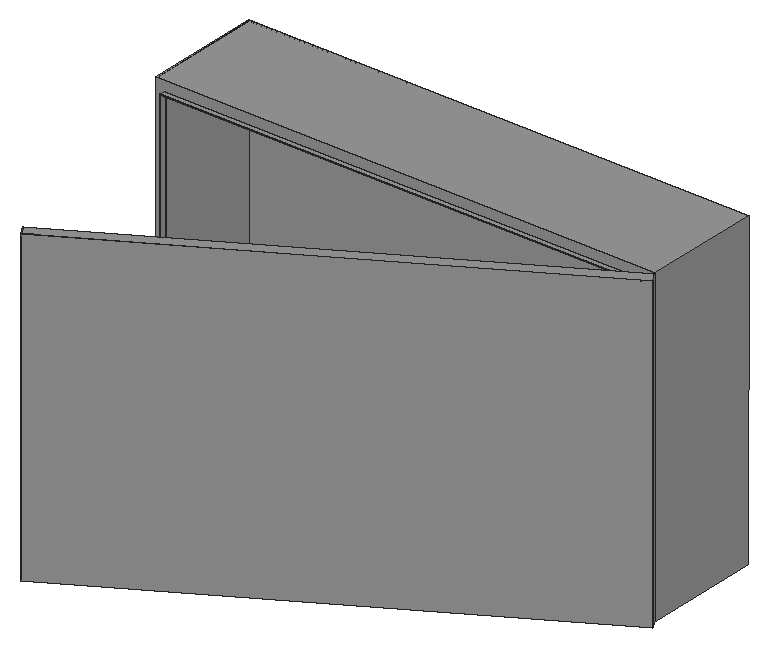
Revit family "Hager-Univers-IP44-D205-H500-Cl.I-Encl-NoHosted-CH-it", category Electrical Equipment, Revit 2020
Family settings
  Panel Configuration = Two Columns, Circuits Across
  Round Connector Dimension = Use Diameter
  Part Type = Panelboard
  Work Plane-Based = Yes
  Always vertical = Yes
  Cut with Voids When Loaded = No
  Shared = No
  Room Calculation Point = No
Parameters (values of type "A parete IP44 L800 A500 P205  - FP33TN2")
  Width Control [instance] = if([EF000008 - Larghezza] > Min Width, [EF000008 - Larghezza], Min Width)  # 800 mm
  Type Comments = [HG000003 - Gamma]  # "Univers"
  Thickness Door [instance] = if([EF009171 - spessore materiale porta/coperchio] > 3 mm, 3 mm, [EF009171 - spessore materiale porta/coperchio])  # 1 mm
  Seal Frame Offset [instance] = 17 mm  # constant formula
  Plinth Visibility [instance] = [HG000027 - Altezza dello zoccolo] > 0 mm  # no
  Min Width [instance] = 100 mm  # constant formula
  Min Depth [instance] = (2 * [EF009170 - spessore materiale scatola]) + 1 mm  # 3 mm
  Min Height [instance] = 100 mm  # constant formula
  Internal Frame Depth [instance] = (Door System Depth * 0.5)  # 9 mm
  Panel Name [instance] = ""  # (empty or 0)
  Model = ""
  HG000027 - Altezza dello zoccolo = 0 mm
  HG000026 - A pavimento = no
  HG000024 - Altezza della sezione inferiore = 600 mm
  HG000023 - Custodia a doppia sezione = no
  HG000016 - Visibilità delle porte nella vista 3D [instance] = yes
  HG000015 - Visibilità attraverso la porta [instance] = no
  HG000014 - Porta destra [instance] = yes
  HG000013 - Porta sinistra [instance] = not([HG000014 - Porta destra])  # no
  HG000012 - Angolo di apertura della porta [instance] = 30.00°
  HG000010 - Porte asimmetriche = no
  HG000009 - Porta doppia a battente = no
  HG000006 - Ad incasso = no
  HG000004 - Codice produttore = "FP33TN2"
  HG000003 - Gamma = "Univers"
  HG000002 - Con porta = yes
  Frame Offset Bottom [instance] = 10 mm  # constant formula
  Frame Offset [instance] = 15 mm  # constant formula
  EF015940 - Coprire con rilascio di sovrapressione = no
  EF011959 - tipo di protezione (NEMA) = ""
  EF009554 - numero delle aperture per la piastra della flangia = 6
  EF009212 - esecuzione coperchio = "EV000116 - chiuso"
  EF009171 - spessore materiale porta/coperchio = 1 mm
  EF009170 - spessore materiale scatola = 1 mm
  EF008873 - corrente nominale (In) = 250 A
  EF007800 - adatto per parafulmine = no
  EF006306 - con serratura = no
  EF006244 - coperchio/porta trasparente = no
  EF005474 - grado di protezione (IP) = "EV006418 - IP44"
  EF004464 - tipo di porta = "EV002646 - singolo"
  EF004427 - numero di moduli = 108
  EF004293 - resistenza agli urti = "EV006815 - IK09"
  EF003532 - adatto per uso esterno = no
  EF002950 - Numero moduli DIN = 36
  EF001613 - Integrità del circuito = "EV000494 - senza"
  EF001596 - Attacco Lampada = "EV000179 - acciaio"
  EF001131 - profondità interna = 205 mm
  EF001088 - possibilità di applicazione = yes
  EF000437 - numero di ingressi per conduttori = 6
  EF000339 - tipo di copertura = "EV001012 - coperchio"
  EF000266 - numero di file = 3
  EF000218 - profondità di incasso = 205 mm
  EF000118 - con piastra di montaggio = no
  EF000116 - numero RAL = "9010"
  EF000049 - profondità = 205 mm
  EF000040 - Altezza = 500 mm
  EF000008 - Larghezza = 800 mm
  EF000007 - colore = "EV000202 - bianco"
  EF000003 - Tipo di montaggio = "EV000384 - A parete"
  Door System Leaf Tolerance [instance] = 1.5 mm  # constant formula
  Door System Depth [instance] = 18 mm  # constant formula
  Door Height [instance] = Height Control - [HG000027 - Altezza dello zoccolo]  # 500 mm
  Description = ""
  Default Elevation = 1219.2 mm
  Connector Offset [instance] = Height Control / 2  # 250 mm
  Manufacturer = "Hager"  # constant formula
  Height Control [instance] = if([EF000040 - Altezza] > Min Height, [EF000040 - Altezza], Min Height)  # 500 mm
  Depth Control [instance] = if([EF000049 - profondità] > Min Depth, [EF000049 - profondità], Min Depth)  # 205 mm
  Bottom Top Plate Trim [instance] = 1.5 mm  # constant formula
  Plinth height Ctrl [instance] = if([HG000027 - Altezza dello zoccolo] > 0 mm, [HG000027 - Altezza dello zoccolo], 12 mm)  # 12 mm
Types (10, lengths in mm): name | Width Control | HG000010 - Porte asimmetriche | HG000009 - Porta doppia a battente | HG000004 - Codice produttore | EF009554 - numero delle aperture per la piastra della flangia | EF004464 - tipo di porta | EF004427 - numero di moduli | EF002950 - Numero moduli DIN | EF000437 - numero di ingressi per conduttori | EF000218 - profondità di incasso | EF000008 - Larghezza
  A parete IP44 L1050 A500 P205  - FP34QT | 1050 | no | no | "FP34QT" | 8 | "EV003602 - doppio" | 144 | 48 | 8 | 0 | 1050
  A parete IP44 L1050 A500 P205  - FP34TN2 | 1050 | no | yes | "FP34TN2" | 8 | "EV003602 - doppio" | 144 | 48 | 8 | 205 | 1050
  A parete IP44 L1300 A500 P205  - FP35QT | 1300 | no | no | "FP35QT" | 10 | "EV003602 - doppio" | 180 | 60 | 10 | 0 | 1300
  A parete IP44 L1300 A500 P205  - FP35TN2 | 1300 | yes | yes | "FP35TN2" | 10 | "EV003602 - doppio" | 180 | 60 | 10 | 205 | 1300
  A parete IP44 L300 A500 P205  - FP31QT | 300 | no | no | "FP31QT" | 2 | "EV002646 - singolo" | 36 | 12 | 2 | 0 | 300
  A parete IP44 L300 A500 P205  - FP31TN2 | 300 | no | no | "FP31TN2" | 2 | "EV002646 - singolo" | 36 | 12 | 2 | 205 | 300
  A parete IP44 L550 A500 P205  - FP32QT | 550 | no | no | "FP32QT" | 4 | "EV002646 - singolo" | 72 | 24 | 4 | 0 | 550
  A parete IP44 L550 A500 P205  - FP32TN2 | 550 | no | no | "FP32TN2" | 4 | "EV002646 - singolo" | 72 | 24 | 4 | 205 | 550
  A parete IP44 L800 A500 P205  - FP33QT | 800 | no | no | "FP33QT" | 6 | "EV002646 - singolo" | 108 | 36 | 6 | 0 | 800
  A parete IP44 L800 A500 P205  - FP33TN2 | 800 | no | no | "FP33TN2" | 6 | "EV002646 - singolo" | 108 | 36 | 6 | 205 | 800
Reference planes
  plane 1 "Center (Front/Back)": y = 0
  plane 2: z = 0
  plane 3 "Center (Left/Right)": x = 0
  plane 4: y = 0
  plane 5: y = 0
  plane 6: z = 0
  plane 7: x = -400
  plane 8: x = 400
  plane 9: x = 399
  plane 10: x = -399
  plane 11: z = 0
  plane 12: z = 1
  plane 13: y = -205
  plane 14: y = -1
  plane 15: x = 0
  plane 16: y = -187
  plane 17: y = -204
  plane 18: y = -186
  plane 19: x = -384
  plane 20: x = 384
  plane 21: z = 11
  plane 22: x = -383
  plane 23: x = 383
  plane 24: z = 0
  plane 25: z = 500
  plane 26: z = 500
  plane 27: z = 484
  plane 28: z = 499
Forms (mm)
  Extrusion 1, solid, material "Hager_Steel_RAL7035_Light_Grey", detail levels medium+fine
    sketch origin (-208.679, -4572, 0) x (-1, 0, 0) y (0, -1, 0)
      loop
        line (191.321, -4385) -> (-608.679, -4385) -> (-608.679, -4572) -> (191.321, -4572) -> (191.321, -4385)
    from 0 to 500
  Extrusion 2, void
    sketch origin (-350.771, -205, 1219.2) x (1, 0, 0) y (0, 0, 1)
      loop
        line (-48.229, -720.2) -> (-48.229, -1218.2) -> (749.771, -1218.2) -> (749.771, -720.2) -> (-48.229, -720.2)
    from -19 to -204
  Extrusion 3, void
    sketch origin (-290.084, -187, 1219.2) x (1, 0, 0) y (0, 0, 1)
      loop
        line (-93.916, -1208.2) -> (674.084, -1208.2) -> (674.084, -735.2) -> (-93.916, -735.2) -> (-93.916, -1208.2)
    from 0 to -1
  Extrusion 4, solid, material "Hager_Steel_RAL7035_Light_Grey", visible <- "Plinth Visibility", detail levels medium+fine
    sketch origin (0, 0, 0) x (1, 0, 0) y (0, 1, 0)
      loop
        line (-400, 0) -> (-400, -187) -> (400, -187) -> (400, 0) -> (-400, 0)
    from 0 to 12 <- "Plinth height Ctrl"
  Extrusion 5, solid, material "Hager_Steel_RAL7035_Light_Grey", detail levels coarse
    sketch origin (0, 0, 0) x (1, 0, 0) y (0, 1, 0)
      loop
        line (-400, 0) -> (-400, -205) -> (400, -205) -> (400, 0) -> (-400, 0)
    from 0 to 500 <- "Height Control"
  Sweep 6, void
    path in 3D
      loop
        line (-400, -187, 12) -> (400, -187, 12) -> (400, 0, 12) -> (-400, 0, 12) -> (-400, -187, 12)
    profile origin (-400, -93.5, 12) x (1, 0, 0) y (0, 0, 1)
      loop
        line (0, 0) -> (0, -1.5) -> (1.5, -1.5)
        arc (1.5, -1.5) -> (1.061, -0.439) -> (0, 0) r 1.5
  Extrusion 7, solid, material "Hager_Steel_RAL7035_Light_Grey", detail levels fine
    sketch origin (-400, -187, 0) x (1, 0, 0) y (0, 0, 1)
      loop
        line (16, 11) -> (784, 11) -> (784, 484) -> (16, 484) -> (16, 11)
      loop
        line (15, 10) -> (785, 10) -> (785, 485) -> (15, 485) -> (15, 10)
    from 0 to 9 <- "Internal Frame Depth"
Cuts and joins
  Extrusion 2, Extrusion 3 cuts Extrusion 1
  Sweep 6 cuts Extrusion 4
Lines and regions (mm)
  Masking region 1
    outline origin (0, 0, 0) x (1, 0, 0) y (0, 1, 0)
      loop
        line (-400, 0) -> (-400, -205) -> (400, -205) -> (400, 0) -> (-400, 0)
  Masking region 2, detail levels coarse
    outline origin (-290.084, -187, 1219.2) x (-1, 0, 0) y (0, 0, 1)
      loop
        line (-690.084, -1219.2) -> (109.916, -1219.2) -> (109.916, -719.2) -> (-690.084, -719.2) -> (-690.084, -1219.2)
  Masking region 3, detail levels coarse
    outline origin (0, 0, 0) x (0, 1, 0) y (0, 0, 1)
      loop
        line (0, 0) -> (0, 500) -> (-205, 500) -> (-205, 0) -> (0, 0)
  Masking region 4, visible <- "Plinth Visibility", detail levels medium+fine
    outline origin (0, 0, 0) x (0, 1, 0) y (0, 0, 1)
      loop
        line (-1.5, 12) -> (-185.5, 12)
        arc (-185.5, 12) -> (-185.939, 10.939) -> (-187, 10.5) r 1.5
        line (-187, 10.5) -> (-187, 0) -> (0, 0) -> (0, 10.5)
        arc (0, 10.5) -> (-1.061, 10.939) -> (-1.5, 12) r 1.5
  Masking region 5, detail levels medium+fine
    outline origin (0, 0, 594.038) x (0, 1, 0) y (0, 0, 1)
      loop
        line (0, -594.038) -> (0, -94.038) -> (-187, -94.038) -> (-187, -594.038) -> (0, -594.038)
  Masking region 6, detail levels medium+fine
    outline origin (-359.7, -187, 1211.883) x (-1, 0, 0) y (0, 0, 1)
      loop
        line (-759.7, -1211.883) -> (40.3, -1211.883) -> (40.3, -711.883) -> (-759.7, -711.883) -> (-759.7, -1211.883)
  Masking region 7, visible <- "Plinth Visibility", detail levels medium+fine
    outline origin (-320.334, -187, 1041.368) x (-1, 0, 0) y (0, 0, 1)
      loop
        line (-720.334, -1041.368) -> (79.666, -1041.368) -> (79.666, -1030.868)
        arc (79.666, -1030.868) -> (78.606, -1030.429) -> (78.166, -1029.368) r 1.5
        line (78.166, -1029.368) -> (-718.834, -1029.368)
        arc (-718.834, -1029.368) -> (-719.273, -1030.429) -> (-720.334, -1030.868) r 1.5
        line (-720.334, -1030.868) -> (-720.334, -1041.368)
  sketch lines
    curve 1: line (-400, 0, 12) -> (-400, -187, 12)
    curve 2: line (-400, -187, 12) -> (400, -187, 12)
    curve 3: line (400, 0, 12) -> (-400, 0, 12)
    curve 4: line (400, -187, 12) -> (400, 0, 12)
Dimensions and locks
  locked: plane 1 "Center (Front/Back)" to plane 5
  "EF009170 - spessore materiale scatola": plane 7 to plane 10
  "EF009170 - spessore materiale scatola": plane 8 to plane 9
  equal spacing: plane 7, plane 3 "Center (Left/Right)", plane 8
  "Width Control": plane 7 to plane 8
  "Depth Control": plane 4 to plane 13
  "EF009170 - spessore materiale scatola": plane 4 to plane 14
  "Height Control": plane 25 to level
  "HG000027 - Altezza dello zoccolo": plane 11 to level
  "EF009170 - spessore materiale scatola": plane 12 to plane 11
  "EF009170 - spessore materiale scatola": plane 17 to plane 13
  "EF009170 - spessore materiale scatola": plane 18 to plane 16
  "Frame Offset Bottom": plane 21 to plane 12
  "Frame Offset": plane 10 to plane 19
  "Frame Offset": plane 9 to plane 20
  "Door System Depth": plane 16 to plane 13
  "Seal Frame Offset": plane 7 to plane 22
  "Seal Frame Offset": plane 8 to plane 23
  "EF009170 - spessore materiale scatola": plane 26 to plane 28
  "Frame Offset": plane 28 to plane 27
  "Connector Offset": plane 2 to connector elem
  "Bottom Top Plate Trim": profile plane to Sweep 6 sketch curve
  "Bottom Top Plate Trim": Sweep 6 sketch curve to Sweep 6 sketch curve
  "Plinth height Ctrl": Masking region 4 sketch curve to level
  "Plinth height Ctrl": Masking region 7 sketch curve to level
  "Thickness Door": Extrusion 7 sketch curve to Extrusion 7 sketch curve  (x4)
  "Bottom Top Plate Trim": radius of Sweep 6 sketch curve
  "Bottom Top Plate Trim": radius of Masking region 4 sketch curve  (x2)
  "Bottom Top Plate Trim": radius of Masking region 7 sketch curve  (x2)
  aligned and locked: Extrusion 2 sketch curve to plane 12
  aligned and locked: Extrusion 2 sketch curve to plane 9
  aligned and locked: Extrusion 2 sketch curve to plane 10
  aligned and locked: Extrusion 2 to plane 14
  aligned and locked: Extrusion 1 sketch curve to plane 4
  aligned and locked: plane 8 to Extrusion 1 sketch curve
  aligned and locked: plane 7 to Extrusion 1 sketch curve
  aligned and locked: Extrusion 2 to plane 18
  aligned and locked: plane 19 to Extrusion 3 sketch curve
  aligned and locked: plane 20 to Extrusion 3 sketch curve
  aligned and locked: Extrusion 3 to Extrusion 2
  aligned and locked: Extrusion 3 sketch curve to plane 21
  aligned and locked: plane 3 "Center (Left/Right)" to nested 1
  aligned and locked: Extrusion 1 sketch curve to plane 16
  aligned and locked: Extrusion 4 sketch curve to cut or joined group of Extrusion 1, Extrusion 2, Extrusion 3
  aligned and locked: Masking region 1 sketch curve to plane 7
  aligned and locked: Masking region 1 sketch curve to plane 5
  aligned and locked: Masking region 1 sketch curve to plane 8
  aligned and locked: Masking region 2 sketch curve to level
  aligned and locked: level to Masking region 3 sketch curve
  aligned and locked: plane 1 "Center (Front/Back)" to Masking region 3 sketch curve
  aligned and locked: plane 13 to Masking region 3 sketch curve
  aligned and locked: plane 5 to Masking region 4 sketch curve
  aligned and locked: Masking region 2 sketch curve to plane 8
  aligned and locked: Masking region 2 sketch curve to plane 7
  aligned and locked: plane 7 to nested 2
  aligned and locked: nested 2 to plane 5
  aligned and locked: plane 5 to Masking region 5 sketch curve
  aligned and locked: plane 26 to Masking region 5 sketch curve
  aligned and locked: Extrusion 5 sketch curve to plane 8
  aligned and locked: Extrusion 5 sketch curve to plane 7
  aligned and locked: Extrusion 5 sketch curve to plane 5
  aligned and locked: Extrusion 3 sketch curve to plane 27
  aligned and locked: Extrusion 2 sketch curve to plane 28
  aligned and locked: Masking region 2 to plane 25
  aligned and locked: Extrusion 4 to plane 16
  aligned and locked: profile plane to Sweep 6 sketch curve
  aligned and locked: Masking region 5 sketch curve to plane 24
  aligned and locked: level to Masking region 4 sketch curve
  aligned and locked: Masking region 1 to plane 13
  aligned and locked: nested 1 to plane 16
  aligned and locked: Masking region 3 to plane 25
  aligned and locked: plane 16 to Masking region 4 sketch curve
  aligned and locked: Masking region 5 sketch curve to plane 16
  aligned and locked: plane 24 to plane 11
  aligned and locked: plane 26 to plane 25
  aligned and locked: plane 26 to cut or joined group of Extrusion 1, Extrusion 2, Extrusion 3
  aligned and locked: nested 1 to plane 24
  aligned and locked: Extrusion 1 to Extrusion 3
  aligned and locked: Masking region 6 sketch curve to plane 8
  aligned and locked: Masking region 6 sketch curve to plane 24
  aligned and locked: Masking region 6 sketch curve to plane 7
  aligned and locked: Masking region 6 sketch curve to plane 26
  aligned and locked: Masking region 7 sketch curve to plane 7
  aligned and locked: level to Masking region 7 sketch curve
  aligned and locked: Masking region 7 sketch curve to plane 8
  aligned and locked: Extrusion 7 sketch curve to cut or joined group of Extrusion 1, Extrusion 2, Extrusion 3  (x4)
Automatic sketch dimensions
  plane 19 to Extrusion 3 sketch curve = 0 mm
  Extrusion 3 sketch curve to plane 20 = 0 mm
  Extrusion 3 sketch curve to plane 21 = 0 mm
  Extrusion 4 sketch curve to plane 7 = 0 mm
  Extrusion 4 sketch curve to plane 8 = 0 mm
  Extrusion 4 sketch curve to plane 16 = 0 mm
  Masking region 1 sketch curve to plane 13 = 0 mm
  Masking region 2 sketch curve to plane 25 = 0 mm
  Masking region 3 sketch curve to plane 25 = 0 mm
  Extrusion 5 sketch curve to plane 13 = 0 mm
  profile plane to Sweep 6 sketch curve = 0 mm
Nested families
  nested 1: "EC000058_Univers_Door" at (0, -187, 0), Double <- "HG000009 - Porta doppia a battente", Transparent <- "EF006244 - coperchio/porta trasparente", Angle <- "HG000012 - Angolo di apertura della porta", Door_Right <- "HG000014 - Porta destra", Assymetrical <- "HG000010 - Porte asimmetriche", Door <- "HG000002 - Con porta", Width_Ctrl <- "Width Control", 3d_Door <- "HG000016 - Visibilità delle porte nella vista 3D", Clearance <- "HG000015 - Visibilità attraverso la porta", Door_Left <- "HG000013 - Porta sinistra", Width <- "Width Control", Door_Depth <- "Door System Depth", Leaf_Tolerance <- "Door System Leaf Tolerance", Height <- "Door Height", Lock_Visibility <- "EF006306 - con serratura", Thickness <- "Thickness Door", type "EC000058_Univers_Door", detail levels medium+fine
    with min_wh 3 mm, Width_Ctrl 800 mm, Width 800 mm, Transparent no, Thickness 1 mm, Seal_Material Hager_Rubber, Lock_Visibility no, Lock_Material Hager_Plastic_RAL9005_Jet_Black, Leaf_Width 800 mm, Leaf_Tolerance_External_Sides 0 mm, Leaf_Tolerance 1.5 mm, Leaf_Offset 0 mm, Leaf_Height 497 mm, Leaf_2_Width 800 mm, Leaf_2_Offset 400 mm, Leaf_1_Width 800 mm, Leaf_1_Offset 400 mm, Height_Ctrl 500 mm, Height 500 mm, Glass_Material Hager_Glass, Double_Clearance_Ctrl no, Double no, Door_Right_Ctrl yes, Door_Right yes, Door_Material Hager_Steel_RAL7035_Light_Grey, Door_Left_Ctrl no, Door_Left no, Door_Depth 18 mm, Door yes, Clearance_Material Hager_Clearance, Clearance_Depth 800 mm, Clearance_Ctrl no, Clearance no, Assymetrical no, Angle 30.00°, 3d_Door yes
  nested 2: "Hager_Enclosure_Symbol" at (-400, 0, 0), Height <- "Depth Control", Width <- "Width Control", type "Hager_Enclosure_Symbol"
    with Width_Ctrl 800 mm, Width 800 mm, Height_Ctrl 205 mm, Height 205 mm, A_Width_Int 13.453 mm, A_Width 161.438 mm, A_Height_Ctrl 179.375 mm, A_Height 179.375 mm
Connectors
  electrical at (0, 0, 250)
    settings: on plane 1 "Center (Front/Back)", index 1, voltage 0 V, apparent load 0 VA, apparent load phase1 0 VA, apparent load phase2 0 VA, apparent load phase3 0 VA, power factor 1, load classification "Other", number of poles 1, system type 30, power factor state 1, is connector primary yes, connector utility no, sub classification motor no, connector description ""
Definition of nested family "EC000058_Univers_Door"
  Parameters (values of type "EC000058_Univers_Door")
    min_wh [instance] = (2 * Thickness) + 1 mm  # 11 mm
    Width_Ctrl [instance] = 400 mm
    Width [instance] = 500 mm
    Transparent [instance] = yes
    Thickness [instance] = 5 mm
    Seal_Material [instance] = none
    Lock_Visibility [instance] = yes
    Lock_Material [instance] = none
    Leaf_Width [instance] = if((Width_Ctrl - 2 * Leaf_Tolerance_External_Sides) > 0 mm, (Width_Ctrl - 2 * Leaf_Tolerance_External_Sides), min_wh)  # 400 mm
    Leaf_Tolerance_External_Sides [instance] = 0 mm  # constant formula
    Leaf_Tolerance [instance] = 1.5 mm
    Leaf_Offset [instance] = 0 mm  # constant formula
    Leaf_Height [instance] = if((Height_Ctrl - 2 * Leaf_Tolerance) > 0 mm, (Height_Ctrl - 2 * Leaf_Tolerance), min_wh)  # 497 mm
    Leaf_2_Width [instance] = if(and(and(Double, Assymetrical), Door_Left), (Leaf_Width / 3) - (Leaf_Tolerance / 2), if(and(and(Double, Assymetrical), Door_Right), (Leaf_Width / 3) * 2 - (Leaf_Tolerance / 2), if(and(Double, not(Assymetrical)), (Leaf_Width / 2) - Leaf_Tolerance, Leaf_Width)))  # 400 mm
    Leaf_2_Offset [instance] = if(and(Double, Assymetrical), Leaf_2_Width / 2, if(and(Double, not(Assymetrical)), Leaf_Width / 4, Leaf_Width / 2))  # 200 mm
    Leaf_1_Width [instance] = if(and(and(Double, Assymetrical), Door_Right), (Leaf_Width / 3) - (Leaf_Tolerance / 2), if(and(and(Double, Assymetrical), Door_Left), (Width / 3) * 2 - (Leaf_Tolerance / 2), if(and(Double, not(Assymetrical)), (Leaf_Width / 2) - Leaf_Tolerance, Leaf_Width)))  # 400 mm
    Leaf_1_Offset [instance] = if(and(Double, Assymetrical), Leaf_1_Width / 2, if(and(Double, not(Assymetrical)), Leaf_Width / 4, Leaf_Width / 2))  # 200 mm
    Height_Ctrl [instance] = if(Height > min_wh, Height, min_wh)  # 500 mm
    Height [instance] = 500 mm
    Glass_Material [instance] = none
    Double_Clearance_Ctrl [instance] = and(Double, Clearance)  # no
    Double [instance] = no
    Door_Right_Ctrl [instance] = and(or(Door_Right, Double), Door)  # yes
    Door_Right [instance] = yes
    Door_Material [instance] = none
    Door_Left_Ctrl [instance] = and(or(Door_Left, Double), Door)  # no
    Door_Left [instance] = no
    Door_Depth [instance] = 30 mm
    Door [instance] = yes
    Default Elevation = 1219.2 mm
    Clearance_Material [instance] = none
    Clearance_Depth [instance] = if(Leaf_1_Width > Leaf_2_Width, Leaf_1_Width, Leaf_2_Width)  # 400 mm
    Clearance_Ctrl [instance] = and(not(Double), Clearance)  # yes
    Clearance [instance] = yes
    Assymetrical [instance] = yes
    Angle [instance] = 30.00°
    3d_Door [instance] = yes
  Reference planes
    plane 1 "Center (Front/Back)": y = 0
    plane 2 "Bottom": z = 0
    plane 3 "Center (Left/Right)": x = 0
    plane 4: z = 500
    plane 5: x = -200
    plane 6: x = 200
    plane 7: z = 500
    plane 8: x = -200
    plane 9: z = 0
    plane 10: x = 200
    plane 11: y = 0
    plane 12: z = 1.5
    plane 13: x = -600
    plane 14: y = -400
    plane 15: x = 600
    plane 16: x = 0
    plane 17: x = 0
    plane 18: x = -200
    plane 19: x = 200
    plane 20: z = 498.5
  Forms (mm)
    Extrusion 1, solid, material <- "Clearance_Material", visible <- "Double_Clearance_Ctrl"
      sketch origin (1200, 0, 0) x (1, 0, 0) y (0, 0, -1)
        loop
          line (-1800, -498.5) -> (-600, -498.5) -> (-600, 0) -> (-1800, 0) -> (-1800, -498.5)
      from 0 to -400
  Dimensions and locks
    equal spacing: plane 5, plane 3 "Center (Left/Right)", plane 6
    "Width_Ctrl": plane 5 to plane 6
    "Leaf_Offset": plane 5 to plane 8
    "Leaf_Offset": plane 6 to plane 10
    "Leaf_Offset": plane 9 to level
    "Leaf_Offset": plane 4 to plane 7
    "Height_Ctrl": plane 4 to level
    "Leaf_Tolerance": plane 12 to plane 9
    locked: plane 11 to plane 1 "Center (Front/Back)"
    "Leaf_1_Offset": plane 18 to plane 16
    "Leaf_2_Offset": plane 17 to plane 19
    "Leaf_1_Width": plane 13 to plane 8
    "Leaf_2_Width": plane 10 to plane 15
    "Clearance_Depth": plane 14 to plane 1 "Center (Front/Back)"
    "Leaf_Tolerance_External_Sides": plane 8 to plane 18
    "Leaf_Tolerance_External_Sides": plane 19 to plane 10
    "Leaf_Tolerance": plane 7 to plane 20
    aligned and locked: level to plane 2 "Bottom"
    aligned and locked: nested 1 to plane 16
    aligned and locked: nested 2 to plane 17
    aligned and locked: Extrusion 1 to plane 13
    aligned and locked: plane 15 to Extrusion 1
    aligned and locked: Extrusion 1 to plane 14
    aligned and locked: plane 12 to nested 1
    aligned and locked: nested 2 to plane 12
    aligned and locked: Extrusion 1 to plane 11
    aligned and locked: plane 20 to Extrusion 1
    aligned and locked: nested 2 to plane 11
    aligned and locked: nested 1 to plane 11
  Automatic sketch dimensions
    Extrusion 1 sketch curve to level = 0 mm
    plane 5 to Extrusion 1 sketch curve = 400 mm
    plane 6 to Extrusion 1 sketch curve = 400 mm
    Extrusion 1 sketch curve to plane 4 = 1.5 mm
  Nested families
    nested 1: "EC000058_Univers_Door_Leaf" at (0, 0, 1.5), Width <- "Leaf_1_Width", visible <- "Door_Left_Ctrl", Leaf_Height <- "Leaf_Height", Angle <- "Angle", 3d_Door <- "3d_Door", Transparent <- "Transparent", Clearance Material <- "Clearance_Material", Clearance <- "Clearance_Ctrl", Door_Material <- "Door_Material", Glass_Material <- "Glass_Material", Door_Depth <- "Door_Depth", Lock_Material <- "Lock_Material", Seal_Material <- "Seal_Material", Lock_Visibility <- "Lock_Visibility", Thickness <- "Thickness", type "EC000058_Univers_Door_Leaf"
      with Width 400 mm, Transparent_Glass_Offset 30 mm, Transparent_Ctrl yes, Transparent yes, Thickness 5 mm, Standard no, Seal_Material none, Seal_D2 8 mm, Seal_D1 1 mm, Offset_Internal_Frame 10 mm, Lock_Width 20 mm, Lock_Visibility_3d yes, Lock_Visibility yes, Lock_Thickness_3 3 mm, Lock_Thickness_2 1 mm, Lock_Thickness_1 3 mm, Lock_Radius_Offset_2 16 mm, Lock_Radius_Offset_1 15 mm, Lock_Radius_2 5 mm, Lock_Radius 6 mm, Lock_Offset 5 mm, Lock_Material none, Lock_Height 80 mm, Lock_Cover_Top_Offset_2d 17 mm, Lock_Cover_Height -65 mm, Leaf_Height 497 mm, Internal_Seal_Thickness 8 mm, Internal_Seal_Depth_2 4.5 mm, Internal_Frame_Depth 25 mm, Glass_Thickness -1 mm, Glass_Offset -2 mm, Glass_Material none, Door_Material none, Door_Depth 30 mm, Clearance Material none, Clearance yes, Angle_Ctrl 30.00°, Angle 30.00°, 3d_Door yes
    nested 2: "EC000058_Univers_Door_Leaf" at (0, 0, 1.5) x (-1, 0, 0) z (0, 0, 1), Width <- "Leaf_2_Width", visible <- "Door_Right_Ctrl", Leaf_Height <- "Leaf_Height", Angle <- "Angle", 3d_Door <- "3d_Door", Transparent <- "Transparent", Clearance Material <- "Clearance_Material", Clearance <- "Clearance_Ctrl", Door_Material <- "Door_Material", Glass_Material <- "Glass_Material", Door_Depth <- "Door_Depth", Lock_Material <- "Lock_Material", Seal_Material <- "Seal_Material", Lock_Visibility <- "Lock_Visibility", Thickness <- "Thickness", type "EC000058_Univers_Door_Leaf"
      with Width 400 mm, Transparent_Glass_Offset 30 mm, Transparent_Ctrl yes, Transparent yes, Thickness 5 mm, Standard no, Seal_Material none, Seal_D2 8 mm, Seal_D1 1 mm, Offset_Internal_Frame 10 mm, Lock_Width 20 mm, Lock_Visibility_3d yes, Lock_Visibility yes, Lock_Thickness_3 3 mm, Lock_Thickness_2 1 mm, Lock_Thickness_1 3 mm, Lock_Radius_Offset_2 16 mm, Lock_Radius_Offset_1 15 mm, Lock_Radius_2 5 mm, Lock_Radius 6 mm, Lock_Offset 5 mm, Lock_Material none, Lock_Height 80 mm, Lock_Cover_Top_Offset_2d 17 mm, Lock_Cover_Height -65 mm, Leaf_Height 497 mm, Internal_Seal_Thickness 8 mm, Internal_Seal_Depth_2 4.5 mm, Internal_Frame_Depth 25 mm, Glass_Thickness -1 mm, Glass_Offset -2 mm, Glass_Material none, Door_Material none, Door_Depth 30 mm, Clearance Material none, Clearance yes, Angle_Ctrl 30.00°, Angle 30.00°, 3d_Door yes
  Definition of nested family "EC000058_Univers_Door_Leaf"
    Parameters (values of type "EC000058_Univers_Door_Leaf")
      Width [instance] = 2000 mm
      Transparent_Glass_Offset [instance] = 30 mm
      Transparent_Ctrl [instance] = and(Transparent, [3d_Door])  # yes
      Transparent [instance] = yes
      Thickness [instance] = 5 mm
      Standard [instance] = and(not(Transparent), [3d_Door])  # no
      Seal_Material [instance] = none
      Seal_D2 [instance] = 8 mm  # constant formula
      Seal_D1 [instance] = 1 mm  # constant formula
      Offset_Internal_Frame [instance] = 10 mm  # constant formula
      Lock_Width [instance] = 20 mm  # constant formula
      Lock_Visibility_3d [instance] = and(Lock_Visibility, [3d_Door])  # yes
      Lock_Visibility [instance] = yes
      Lock_Thickness_3 [instance] = 3 mm  # constant formula
      Lock_Thickness_2 [instance] = 1 mm  # constant formula
      Lock_Thickness_1 [instance] = 3 mm  # constant formula
      Lock_Radius_Offset_2 [instance] = Lock_Radius_Offset_1 + 1 mm  # 16 mm
      Lock_Radius_Offset_1 [instance] = 15 mm  # constant formula
      Lock_Radius_2 [instance] = Lock_Radius - 1 mm  # 5 mm
      Lock_Radius [instance] = 6 mm  # constant formula
      Lock_Offset [instance] = 5 mm  # constant formula
      Lock_Material [instance] = none
      Lock_Height [instance] = 80 mm  # constant formula
      Lock_Cover_Top_Offset_2d [instance] = Lock_Radius_Offset_2 + 1 mm  # 17 mm
      Lock_Cover_Height [instance] = -(Lock_Height - Lock_Radius_Offset_1)  # -65 mm
      Leaf_Height [instance] = 2720.336 mm
      Internal_Seal_Thickness [instance] = 8 mm  # constant formula
      Internal_Seal_Depth_2 [instance] = 4.5 mm  # constant formula
      Internal_Frame_Depth [instance] = if(Door_Depth - Thickness > 5 mm, Door_Depth - Thickness, 5 mm)  # 25 mm
      Glass_Thickness [instance] = if(Thickness > 15 mm, Glass_Offset + 10 mm, -1 mm)  # -1 mm
      Glass_Offset [instance] = if(Thickness > 15 mm, -(Thickness + 10 mm) / 2, -2 mm)  # -2 mm
      Glass_Material [instance] = none
      Door_Material [instance] = none
      Door_Depth [instance] = 30 mm
      Default Elevation = 0 mm
      Clearance Material [instance] = none
      Clearance [instance] = yes
      Angle_Ctrl [instance] = if(Angle > 180.00°, 180.00°, Angle)  # 90.00°
      Angle [instance] = 90.00°
      3d_Door [instance] = yes
    Reference planes
      plane 1 "Center (Front/Back)": y = 0
      plane 2: z = 0
      plane 3 "Center (Left/Right)": x = 0
      plane 4: y = 2000
      plane 5: x = -1000
      plane 6: x = 1000
      plane 7: x = -3000
      plane 8: z = 2720.336
      plane 9: z = 30
      plane 10: z = 2690.336
      plane 11: x = 970
      plane 12: x = -970
      plane 13: y = -3
      plane 14: z = 107.833
      plane 15: y = -5
      plane 16: y = -223.314
      plane 17: x = -1000
      plane 18: z = 1360.168
      plane 19: y = 30
    Forms (mm)
      Extrusion 1, solid, material <- "Clearance Material", visible <- "Clearance"
        sketch origin (0, 0, 0) x (1, 0, 0) y (0, 0, 1)
          loop
            line (-3000, 2720.336) -> (-3000, 0) -> (1000, 0) -> (1000, 2720.336) -> (-3000, 2720.336)
        from 0 to -2000
      Extrusion 2, solid, material <- "Door_Material", visible <- "Standard", detail levels medium+fine
        sketch origin (-1000, 0, 0) x (0, 1, 0) y (-1, 0, 0)
          loop
            line (0, 30) -> (0, 25) -> (2000, 25) -> (2000, 30) -> (0, 30)
        from 0 to 2720.336 <- "Leaf_Height"
      Extrusion 3, solid, material <- "Door_Material", visible <- "Transparent_Ctrl", detail levels medium+fine
        sketch origin (-1000, 0, 0) x (0, 1, 0) y (-1, 0, 0)
          loop
            line (0, 25) -> (2000, 25) -> (2000, 30) -> (0, 30) -> (0, 25)
        from 0 to 2720.336 <- "Leaf_Height"
      Extrusion 4, void
        sketch origin (-1025, 2000, 0) x (0, 1, 0) y (0, 0, -1)
          loop
            line (-30, -2690.336) -> (-30, -30) -> (-1970, -30) -> (-1970, -2690.336) -> (-30, -2690.336)
        from 0 to 5 <- "Thickness"
      Sweep 5, solid, material <- "Seal_Material", visible <- "Transparent_Ctrl", detail levels fine
        path in 3D
          loop
            line (-1025, 30, 30) -> (-1025, 30, 2690.336) -> (-1025, 1970, 2690.336) -> (-1025, 1970, 30) -> (-1025, 30, 30)
        profile origin (-1025, 1000, 30) x (1, 0, 0) y (0, 0, 1)
          loop
            line (0, 0) -> (0, -8) -> (1, -8) -> (1, 0) -> (0, 0)
      Extrusion 6, solid, material <- "Glass_Material", visible <- "Transparent_Ctrl", detail levels medium+fine
        sketch origin (-1030, 0, 0) x (0, 1, 0) y (0, 0, -1)
          loop
            line (1970, -2690.336) -> (1970, -30) -> (30, -30) -> (30, -2690.336) -> (1970, -2690.336)
        from -2 <- "Glass_Offset" to -1 <- "Glass_Thickness"
      Extrusion 7, solid, material <- "Door_Material", visible <- "3d_Door", detail levels medium+fine
        sketch origin (-1025, 2000, 0) x (0, -1, 0) y (0, 0, -1)
          loop
            line (0, -2720.336) -> (2000, -2720.336) -> (2000, 0) -> (0, 0) -> (0, -2720.336)
          loop
            line (1995, -5) -> (5, -5) -> (5, -2715.336) -> (1995, -2715.336) -> (1995, -5)
        from 0 to 25 <- "Internal_Frame_Depth"
      Sweep 8, solid, material <- "Seal_Material", visible <- "Transparent_Ctrl", detail levels fine
        path in 3D
          loop
            line (-1025, 0, 0) -> (-1025, 2000, 0) -> (-1025, 2000, 2720.336) -> (-1025, 0, 2720.336) -> (-1025, 0, 0)
        profile origin (-1025, 0, 1360.168) x (1, 0, 0) y (0, 1, 0)
          loop
            line (0, 10) -> (2.975, 10)
            arc (2.975, 10) -> (4.053, 10.447) -> (4.5, 11.525) r 1.525
            line (4.5, 11.525) -> (4.5, 16.527)
            arc (4.5, 16.527) -> (4.069, 17.569) -> (3.027, 18) r 1.473
            line (3.027, 18) -> (0, 18) -> (0, 10)
      Extrusion 9, solid, material <- "Lock_Material", visible <- "Lock_Visibility_3d", detail levels fine
        sketch origin (-1030, 0, 0) x (0, 1, 0) y (0, 0, -1)
          loop
            arc (1993.5, -1400.168) -> (1994.561, -1399.729) -> (1995, -1398.668) r 1.5
            line (1995, -1398.668) -> (1995, -1320.168) -> (1975, -1320.168) -> (1975, -1398.668)
            arc (1975, -1398.668) -> (1975.439, -1399.729) -> (1976.5, -1400.168) r 1.5
            line (1976.5, -1400.168) -> (1993.5, -1400.168)
        from 3 <- "Lock_Thickness_1" to 0
      Blend 10, solid, material <- "Lock_Material", visible <- "Lock_Visibility_3d", detail levels fine
        base sketch origin (-1033, 0, 0) x (0, 1, 0) y (0, 0, -1)
          loop
            line (1975, -1320.168) -> (1975, -1398.668)
            arc (1975, -1398.668) -> (1975.439, -1399.729) -> (1976.5, -1400.168) r 1.5
            line (1976.5, -1400.168) -> (1993.5, -1400.168)
            arc (1993.5, -1400.168) -> (1994.561, -1399.729) -> (1995, -1398.668) r 1.5
            line (1995, -1398.668) -> (1995, -1320.168) -> (1975, -1320.168)
        top sketch origin (-1033, 0, 0) x (0, 1, 0) y (0, 0, -1)
          loop
            line (1976, -1320.168) -> (1976, -1398.668)
            arc (1976, -1398.668) -> (1976.146, -1399.022) -> (1976.5, -1399.168) r 0.5
            line (1976.5, -1399.168) -> (1993.5, -1399.168)
            arc (1993.5, -1399.168) -> (1993.854, -1399.022) -> (1994, -1398.668) r 0.5
            line (1994, -1398.668) -> (1994, -1320.168) -> (1976, -1320.168)
        from 0 to 1 <- "Lock_Thickness_2"
      Blend 11, solid, material <- "Lock_Material", visible <- "Lock_Visibility_3d", detail levels fine
        base sketch origin (-1034, 0, 0) x (0, 1, 0) y (0, 0, -1)
          loop
            line (1978, -1320.168) -> (1978, -1384.168)
            arc (1978, -1384.168) -> (1985, -1391.168) -> (1992, -1384.168) r 7
            line (1992, -1384.168) -> (1992, -1320.168) -> (1978, -1320.168)
        top sketch origin (-1034, 0, 0) x (0, 1, 0) y (0, 0, -1)
          loop
            line (1991, -1320.168) -> (1979, -1320.168) -> (1979, -1383.168)
            arc (1979, -1383.168) -> (1985, -1389.168) -> (1991, -1383.168) r 6
            line (1991, -1383.168) -> (1991, -1320.168)
        from 0 to 3 <- "Lock_Thickness_3"
      Extrusion 12, solid, material <- "Lock_Material", visible <- "Lock_Visibility_3d", detail levels fine
        sketch origin (-1030, 1975, 1320.168) x (1, 0, 0) y (0, -1, 0)
          loop
            line (-7, -19) -> (-7, -1) -> (0, -1) -> (0, 0) -> (-8, 0) -> (-8, -20) -> (0, -20) -> (0, -19) -> (-7, -19)
        from 0 to -65 <- "Lock_Cover_Height"
      Extrusion 13, void
        sketch origin (-1038, 1995, 1320.168) x (-1, 0, 0) y (0, 0, -1)
          loop
            line (-5, -65) -> (0, -65) -> (-5, -60) -> (-5, -65)
        from 0 to 20 <- "Lock_Width"
      Extrusion 14, void
        sketch origin (-1038, 1975, 1320.168) x (0, -1, 0) y (0, 0, -1)
          loop
            circle (-10, -15.995) r 6
          loop
            circle (-10, -15.995) r 5
        from 0 to 2
      Extrusion 15, solid, material <- "Lock_Material", visible <- "Lock_Visibility_3d", detail levels medium
        sketch origin (-1030, 0, 0) x (0, 1, 0) y (0, 0, -1)
          loop
            arc (1993.5, -1400.168) -> (1994.561, -1399.729) -> (1995, -1398.668) r 1.5
            line (1995, -1398.668) -> (1995, -1320.168) -> (1975, -1320.168) -> (1975, -1398.668)
            arc (1975, -1398.668) -> (1975.439, -1399.729) -> (1976.5, -1400.168) r 1.5
            line (1976.5, -1400.168) -> (1993.5, -1400.168)
        from 8 to 0
    Cuts and joins
      Extrusion 4 cuts Extrusion 3
      Extrusion 13, Extrusion 14 cuts Extrusion 9
      Extrusion 14 cuts Blend 11
      Extrusion 13, Extrusion 14 cuts Extrusion 12
      joined: Extrusion 9, Blend 10, Blend 11, Extrusion 12
      Extrusion 14 cuts Extrusion 15
    Lines and regions (mm)
      Masking region 1, visible <- "Lock_Visibility", detail levels fine
        outline origin (0, 0, 0) x (0, 1, 0) y (0, 0, 1)
          loop
            line (30, 1320.168) -> (33, 1320.168) -> (33, 1400.168) -> (30, 1400.168) -> (30, 1320.168)
      Masking region 2, visible <- "Lock_Visibility", detail levels fine
        outline origin (0, 3.143, 0) x (0, 1, 0) y (0, 0, 1)
          loop
            line (29.857, 1354.168) -> (30.857, 1354.168) -> (30.857, 1366.168) -> (29.857, 1366.168) -> (29.857, 1354.168)
      Masking region 3, detail levels medium+fine
        outline origin (0, 0, 0) x (0, 1, 0) y (0, 0, 1)
          loop
            line (0, 0) -> (30, 0) -> (30, 2720.336) -> (0, 2720.336) -> (0, 0)
      Masking region 4, detail levels medium+fine
        outline origin (0, 0, 0) x (1, 0, 0) y (0, 0, 1)
          loop
            line (-1000, 2720.336) -> (-1000, 0) -> (1000, 0) -> (1000, 2720.336) -> (-1000, 2720.336)
      Masking region 5, visible <- "Lock_Visibility", detail levels fine
        outline origin (-47.116, 0, 0) x (1, 0, 0) y (0, 0, 1)
          loop
            arc (1024.616, 1399.168) -> (1023.556, 1398.729) -> (1023.116, 1397.668) r 1.5
            line (1023.116, 1397.668) -> (1023.116, 1320.168) -> (1041.116, 1320.168) -> (1041.116, 1397.668)
            arc (1041.116, 1397.668) -> (1040.677, 1398.729) -> (1039.616, 1399.168) r 1.5
            line (1039.616, 1399.168) -> (1024.616, 1399.168)
      Masking region 6, visible <- "Lock_Visibility", detail levels medium+fine
        outline origin (-25, 0, 0) x (1, 0, 0) y (0, 0, 1)
          loop
            arc (1001.5, 1400.168) -> (1000.439, 1399.729) -> (1000, 1398.668) r 1.5
            line (1000, 1398.668) -> (1000, 1320.168) -> (1020, 1320.168) -> (1020, 1398.668)
            arc (1020, 1398.668) -> (1019.561, 1399.729) -> (1018.5, 1400.168) r 1.5
            line (1018.5, 1400.168) -> (1001.5, 1400.168)
      Masking region 7, visible <- "Lock_Visibility", detail levels fine
        outline origin (-73.735, 0, 0) x (1, 0, 0) y (0, 0, 1)
          loop
            line (1051.735, 1382.168) -> (1065.735, 1382.168) -> (1065.735, 1384.168)
            arc (1065.735, 1384.168) -> (1058.735, 1391.168) -> (1051.735, 1384.168) r 7
            line (1051.735, 1384.168) -> (1051.735, 1382.168)
      Masking region 8, visible <- "Lock_Visibility", detail levels fine
        outline origin (-73.735, 0, 0) x (1, 0, 0) y (0, 0, 1)
          loop
            line (1052.735, 1382.168) -> (1064.735, 1382.168) -> (1064.735, 1383.168)
            arc (1064.735, 1383.168) -> (1058.735, 1389.168) -> (1052.735, 1383.168) r 6
            line (1052.735, 1383.168) -> (1052.735, 1382.168)
      Masking region 9, visible <- "Lock_Visibility", detail levels fine
        outline origin (-25, 0, 0) x (1, 0, 0) y (0, 0, 1)
          loop
            line (1020, 1320.168) -> (1020, 1382.168) -> (1000, 1382.168) -> (1000, 1320.168) -> (1020, 1320.168)
      Masking region 10, detail levels medium+fine
        outline origin (0, 0, 0) x (1, 0, 0) y (0, 0, 1)
          loop
            circle (985, 1335.144) r 6
      Masking region 11, detail levels fine
        outline origin (0, 0, 0) x (1, 0, 0) y (0, 0, 1)
          loop
            circle (985, 1335.144) r 5
      Masking region 12, visible <- "Lock_Visibility", detail levels fine
        outline origin (0, 12.767, 0) x (0, 1, 0) y (0, 0, 1)
          loop
            line (20.233, 1320.168) -> (21.233, 1320.168) -> (21.233, 1399.168) -> (20.233, 1400.168) -> (20.233, 1320.168)
      Masking region 13, visible <- "Lock_Visibility", detail levels fine
        outline origin (0, 13.767, -10) x (0, 1, 0) y (0, 0, 1)
          loop
            line (20.233, 1330.168) -> (23.233, 1330.168) -> (23.233, 1399.168) -> (20.233, 1402.168) -> (20.233, 1330.168)
      Masking region 14, visible <- "Lock_Visibility", detail levels fine
        outline origin (0, 12.767, -10) x (0, 1, 0) y (0, 0, 1)
          loop
            line (20.233, 1330.168) -> (25.233, 1330.168) -> (25.233, 1399.305) -> (20.233, 1394.305) -> (20.233, 1330.168)
      Masking region 15, visible <- "Lock_Visibility", detail levels medium
        outline origin (0, 0, 0) x (0, 1, 0) y (0, 0, 1)
          loop
            line (30, 1320.168) -> (38, 1320.168) -> (38, 1400.168) -> (30, 1400.168) -> (30, 1320.168)
      Masking region 16, visible <- "Lock_Visibility", detail levels fine
        outline origin (-1000, 0, 0) x (0, 1, 0) y (-1, 0, 0)
          loop
            line (1975, 30) -> (1995, 30) -> (1995, 38) -> (1975, 38) -> (1975, 30)
          loop
            line (1979, 37) -> (1976, 37) -> (1976, 34) -> (1978, 34) -> (1979, 37)
          loop
            line (1994, 37) -> (1991, 37) -> (1992, 34) -> (1994, 34) -> (1994, 37)
      Masking region 17, visible <- "Lock_Visibility", detail levels medium
        outline origin (-1000, 0, 0) x (0, 1, 0) y (-1, 0, 0)
          loop
            line (1975, 30) -> (1995, 30) -> (1995, 38) -> (1975, 38) -> (1975, 30)
      symbolic lines
        curve 1: line (1000, 0, 0) -> (-3000, 0, 0)
        curve 2: arc (1000, 0, 0) -> (-1000, 2000, 0) -> (-3000, 0, 0) r 2000
        curve 4: line (-1030, 0, 0) -> (-1030, 2000, 0)
      reference lines
        curve 3: line (-1000, 0, 0) -> (-1000, 2000, 0)
      symbolic lines, detail levels medium+fine
        curve 5: line (-1030, 2000, 0) -> (-1025, 2000, 0)
        curve 7: line (-1025, 0, 0) -> (-1030, 0, 0)
        curve 8: line (-1025, 0, 0) -> (-1000, 0, 0)
        curve 9: line (-1000, 0, 0) -> (-1000, 2000, 0)
        curve 10: line (-1000, 2000, 0) -> (-1025, 2000, 0)
      symbolic lines, detail levels fine
        curve 6: line (-1025, 2000, 0) -> (-1025, 0, 0)
      sketch lines
        curve 11: line (-1025, 0, 2720.336) -> (-1025, 0, 0)
        curve 12: line (-1025, 2000, 0) -> (-1025, 0, 0)
        curve 13: line (-1025, 2000, 2720.336) -> (-1025, 2000, 0)
        curve 14: line (-1025, 0, 2720.336) -> (-1025, 2000, 2720.336)
        curve 15: line (-1025, 1970, 30) -> (-1025, 30, 30)
        curve 16: line (-1025, 30, 30) -> (-1025, 30, 2690.336)
        curve 17: line (-1025, 1970, 2690.336) -> (-1025, 1970, 30)
        curve 18: line (-1025, 30, 2690.336) -> (-1025, 1970, 2690.336)
      symbolic lines, visible <- "Transparent", detail levels medium+fine
        curve 19: line (-970, 0, 2690.336) -> (970, 0, 2690.336)
        curve 20: line (-970, 0, 30) -> (-970, 0, 2690.336)
        curve 21: line (970, 0, 30) -> (-970, 0, 30)
        curve 22: line (970, 0, 2690.336) -> (970, 0, 30)
    Dimensions and locks
      "Width": plane 1 "Center (Front/Back)" to plane 4
      equal spacing: plane 5, plane 3 "Center (Left/Right)", plane 6
      "Width": plane 5 to plane 6
      "Width": plane 7 to plane 5
      "Leaf_Height": plane 8 to level
      "Width": curve 5 to curve 3
      "Width": curve 3 to curve 3
      plane 8 to plane 10 = 30 mm
      plane 9 to level = 30 mm
      plane 12 to plane 5 = 30 mm
      plane 6 to plane 11 = 30 mm
      Extrusion 1 to Extrusion 4 sketch curve = 30 mm
      "Transparent_Glass_Offset": curve 3 to Extrusion 4 sketch curve
      "Transparent_Glass_Offset": Extrusion 4 sketch curve to cut or joined group of Extrusion 3, Extrusion 4  (x2)
      cut or joined group of Extrusion 3, Extrusion 4 to Extrusion 6 sketch curve = 30 mm
      "Transparent_Glass_Offset": cut or joined group of Extrusion 3, Extrusion 4 to Extrusion 4 sketch curve
      "Thickness": curve 6 to curve 4
      "Thickness": Extrusion 7 sketch curve to Extrusion 7 sketch curve  (x4)
      "Door_Depth": curve 4 to curve 3
      "Offset_Internal_Frame": profile plane to Sweep 8 sketch curve
      "Internal_Seal_Thickness": Sweep 8 sketch curve to Sweep 8 sketch curve
      "Internal_Seal_Depth_2": profile plane to Sweep 8 sketch curve
      "Seal_D1": profile plane to Sweep 5 sketch curve
      "Seal_D2": profile plane to Sweep 5 sketch curve
      "Thickness": Extrusion 2 sketch curve to Extrusion 2 sketch curve
      equal spacing: Extrusion 9 sketch curve, plane 18, Extrusion 9 sketch curve  (x2)
      equal spacing: Masking region 1 sketch curve, plane 18, Masking region 1 sketch curve
      "Lock_Height": Masking region 1 sketch curve to Masking region 1 sketch curve
      "Lock_Radius": Masking region 2 sketch curve to plane 18 to Masking region 2 sketch curve
      Masking region 2 sketch curve to Masking region 1 = 1 mm
      "Door_Depth": plane 19 to plane 1 "Center (Front/Back)"
      "Lock_Thickness_1": Masking region 1 sketch curve to plane 19
      "Lock_Width": Extrusion 9 sketch curve to Extrusion 9 sketch curve
      "Lock_Height": Extrusion 9 sketch curve to Extrusion 9 sketch curve
      "Lock_Offset": cut or joined group of Extrusion 3, Extrusion 4 to Extrusion 9 sketch curve
      equal spacing: plane 8, plane 18, level
      "Lock_Radius_Offset_1": Blend 11 sketch curve to Blend 10
      locked: Blend 10 to Blend 11 sketch curve at 2  (x2)
      locked: var sketch to Blend 11 sketch curve at 1  (x2)
      "Lock_Radius_Offset_2": Blend 11 sketch curve to Blend 10
      locked: Extrusion 12 sketch curve to Extrusion 12 sketch curve at 1  (x3)
      Masking region 6 sketch curve to Masking region 6 sketch curve = 80 mm
      "Lock_Height": Masking region 6 sketch curve to Masking region 6 sketch curve
      "Lock_Width": Masking region 6 sketch curve to Masking region 6 sketch curve
      locked: Masking region 6 to Masking region 5 sketch curve at 1  (x3)
      locked: Masking region 5 to Masking region 7 sketch curve at 2  (x2)
      "Lock_Radius_Offset_1": Masking region 5 to Masking region 7 sketch curve
      "Lock_Radius_Offset_2": Masking region 5 to Masking region 8 sketch curve
      locked: Masking region 7 to Masking region 8 sketch curve at 1  (x2)
      "Lock_Cover_Top_Offset_2d": Masking region 5 to Masking region 9 sketch curve
      equal spacing: Masking region 9, Masking region 10 sketch curve, Masking region 9
      equal spacing: Masking region 9, Masking region 11 sketch curve, Masking region 9
      Extrusion 15 sketch curve to Extrusion 15 sketch curve = 80 mm
      "Lock_Width": Extrusion 15 sketch curve to Extrusion 15 sketch curve
      "Lock_Height": Extrusion 15 sketch curve to Extrusion 15 sketch curve
      equal spacing: Extrusion 15 sketch curve, plane 18, Extrusion 15 sketch curve
      "Lock_Thickness_3": Masking region 13 sketch curve to Masking region 13 sketch curve
      "Lock_Height": Masking region 12 sketch curve to Masking region 12 sketch curve
      locked: Masking region 13 sketch curve to Masking region 1 at 8
      locked: Masking region 14 sketch curve to Masking region 13 at 1
      locked: Masking region 14 sketch curve to Masking region 1 at 10.863
      "Lock_Height": Masking region 15 sketch curve to Masking region 15 sketch curve
      "Lock_Offset": Extrusion 15 sketch curve to cut or joined group of Extrusion 3, Extrusion 4
      "Lock_Offset": plane 6 to Masking region 6 sketch curve
      radius of Sweep 8 sketch curve = 1.525 mm
      radius of Sweep 8 sketch curve = 1.473 mm
      radius of Extrusion 9 sketch curve = 1.5 mm  (x2)
      "Lock_Radius": radius of Extrusion 14 sketch curve
      "Lock_Radius_2": radius of Extrusion 14 sketch curve
      "Lock_Radius": radius of Masking region 10 sketch curve
      "Lock_Radius_2": radius of Masking region 11 sketch curve
      radius of Extrusion 15 sketch curve = 1.5 mm  (x2)
      "Angle_Ctrl": angle plane 1 "Center (Front/Back)" to curve 3
      locked: Masking region 12 sketch curve to Masking region 12 sketch curve (angle 45.00°)
      locked: Masking region 13 sketch curve to Masking region 13 sketch curve (angle 45.00°)
      locked: Masking region 14 sketch curve to Masking region 14 sketch curve (angle 45.00°)
      aligned and locked: level to plane 2
      aligned and locked: Extrusion 1 to curve 1
      aligned and locked: plane 6 to Extrusion 1
      aligned and locked: Extrusion 1 to plane 1 "Center (Front/Back)"
      aligned and locked: plane 4 to Extrusion 1
      aligned and locked: plane 8 to Extrusion 1
      aligned and locked: curve 7 to Extrusion 2 sketch curve
      aligned and locked: curve 5 to Extrusion 2 sketch curve
      aligned and locked: curve 7 to Extrusion 3 sketch curve
      aligned and locked: Extrusion 3 sketch curve to curve 4
      aligned and locked: Extrusion 3 sketch curve to curve 6
      aligned and locked: Extrusion 3 sketch curve to curve 5
      aligned and locked: curve 9 to curve 3
      aligned and locked: Extrusion 7 sketch curve to cut or joined group of Extrusion 3, Extrusion 4  (x4)
      aligned and locked: plane 17 to curve 3
      aligned and locked: plane 1 "Center (Front/Back)" to curve 3
      aligned and locked: plane 17 to plane 5
      aligned and locked: Sweep 8 sketch curve to profile plane
      aligned and locked: Sweep 5 sketch curve to profile plane  (x2)
      aligned and locked: Masking region 1 to Masking region 2 sketch curve
      aligned and locked: plane 19 to Masking region 1 sketch curve
      aligned and locked: plane 1 "Center (Front/Back)" to Masking region 3 sketch curve
      aligned and locked: plane 19 to Masking region 3 sketch curve
      aligned and locked: level to Masking region 3 sketch curve
      aligned and locked: Masking region 3 sketch curve to plane 8
      aligned and locked: plane 17 to Masking region 4 sketch curve
      aligned and locked: level to Masking region 4 sketch curve
      aligned and locked: Masking region 4 sketch curve to plane 8
      aligned and locked: plane 12 to curve 20
      aligned and locked: plane 10 to curve 19
      aligned and locked: plane 11 to curve 22
      aligned and locked: curve 21 to plane 9
      aligned and locked: Extrusion 2 sketch curve to cut or joined group of Extrusion 3, Extrusion 4
      aligned and locked: Blend 10 sketch curve to Extrusion 9  (x4)
      aligned and locked: Extrusion 9 to Blend 10 sketch curve
      aligned and locked: Blend 10 to Blend 11 sketch curve
      aligned and locked: Extrusion 12 sketch curve to Blend 11
      aligned and locked: Extrusion 12 sketch curve to Extrusion 9  (x4)
      aligned and locked: Masking region 5 sketch curve to Masking region 6
      aligned and locked: Masking region 9 sketch curve to Masking region 6  (x3)
      aligned and locked: Masking region 12 sketch curve to Masking region 1
      aligned and locked: Masking region 13 sketch curve to Masking region 1
      aligned and locked: Masking region 12 to Masking region 14
      aligned and locked: Masking region 14 sketch curve to Masking region 1
      aligned and locked: Masking region 15 sketch curve to Masking region 14
      aligned and locked: Masking region 13 sketch curve to Masking region 12
      aligned and locked: Masking region 16 sketch curve to cut or joined group of Extrusion 14, Extrusion 15  (x4)
      aligned and locked: Masking region 16 sketch curve to cut or joined group of Extrusion 9, Blend 10, Blend 11, Extrusion 12, Extrusion 13, Extrusion 14  (x6)
      aligned and locked: cut or joined group of Extrusion 9, Blend 10, Blend 11, Extrusion 12, Extrusion 13, Extrusion 14 to Masking region 16 sketch curve
      aligned and locked: Masking region 17 sketch curve to cut or joined group of Extrusion 14, Extrusion 15  (x3)
      aligned and locked: Masking region 17 sketch curve to cut or joined group of Extrusion 9, Blend 10, Blend 11, Extrusion 12, Extrusion 13, Extrusion 14
      aligned and locked: Masking region 9 to Masking region 8 sketch curve
      aligned and locked: Masking region 9 to Masking region 7 sketch curve
    Automatic sketch dimensions
      plane 1 "Center (Front/Back)" to curve 2 = 0 mm
      curve 2 to plane 5 = 0 mm
      Extrusion 1 sketch curve to level = 0 mm
      Extrusion 1 sketch curve to plane 7 = 0 mm
      Extrusion 1 sketch curve to plane 6 = 0 mm
      Extrusion 1 sketch curve to plane 8 = 0 mm
      Extrusion 3 to Extrusion 6 sketch curve = 30 mm  (x4)
      Masking region 4 sketch curve to plane 6 = 0 mm
      Blend 10 sketch curve to Extrusion 9 = 1.5 mm
      Blend 10 sketch curve to Extrusion 9 = 1 mm
      Extrusion 13 sketch curve to Extrusion 12 = 0 mm  (x2)
      Extrusion 12 to Extrusion 13 sketch curve = 3 mm
      Extrusion 13 sketch curve to Extrusion 12 = 5 mm
      Extrusion 14 sketch curve to Extrusion 14 sketch curve = 0 mm  (x2)
      Extrusion 14 sketch curve to Extrusion 12 = 10 mm
      Extrusion 14 sketch curve to Extrusion 12 = 15.995 mm
      Masking region 5 sketch curve to Masking region 5 sketch curve = 1.5 mm  (x2)
      Masking region 10 sketch curve to plane 18 = 25.024 mm
      Masking region 11 sketch curve to plane 18 = 25.024 mm
      plane 19 to Masking region 14 sketch curve = 3 mm
      Masking region 16 sketch curve to Masking region 16 sketch curve = 3 mm
      curve 4 to curve 3 = 0 mm
      Blend 10 to Blend 11 sketch curve = 0 mm
      Masking region 6 sketch curve to Masking region 6 sketch curve = 1.5 mm  (x2)
      Masking region 6 sketch curve to plane 18 = 40 mm
      plane 19 to Masking region 12 sketch curve = 3 mm
      Masking region 12 sketch curve to Masking region 12 sketch curve = 1 mm
      Masking region 15 sketch curve to plane 19 = 0 mm
      Masking region 15 sketch curve to plane 18 = 40 mm
      radius of Blend 10 sketch curve to Extrusion 9 = 1 mm
Definition of nested family "Hager_Enclosure_Symbol"
  Parameters (values of type "Hager_Enclosure_Symbol")
    Width_Ctrl [instance] = if(Width > 1 mm, Width, 1 mm)  # 102.27 mm
    Width [instance] = 102.27 mm
    Height_Ctrl [instance] = if(Height > 1 mm, Height, 1 mm)  # 66.5 mm
    A_Width_Int [instance] = if(A_Width / 12 > 2 mm, A_Width / 12, 2 mm)  # 4.364 mm
    A_Width [instance] = if(A_Height_Ctrl * 0.9 > 2 mm, A_Height_Ctrl * 0.9, 2 mm)  # 52.369 mm
    A_Height_Ctrl [instance] = if(A_Height > 2 mm, A_Height, 2 mm)  # 58.188 mm
    Height [instance] = 66.5 mm
    A_Height [instance] = Height - (Height / 8)  # 58.188 mm
  Reference planes
    plane 1 "Centre (avant/arrière)": y = 0
    plane 2: z = 0
    plane 3 "Centre (gauche/droite)": x = 0
    plane 4: x = 52.369
    plane 5: y = 33.042
    plane 6: y = 41.77
    plane 7: y = 66.5
    plane 8: x = 26.184
    plane 9: y = 37.406
    plane 10: x = 102.27
    plane 11: y = 66.5
    plane 12: y = 8.313
  Lines and regions (mm)
    Filled region 1, type "Solid_Black", in view "Niveau de réf."
      outline origin (0, 0, 0) x (1, 0, 0) y (0, 1, 0)
        loop
          line (52.369, 66.5) -> (33.188, 54.536) -> (45.365, 45.006) -> (52.369, 66.5)
    Filled region 2, type "Solid_Black", in view "Niveau de réf."
      outline origin (0, 0, 0) x (1, 0, 0) y (0, 1, 0)
        loop
          line (0, 0) -> (102.27, 0) -> (102.27, 66.5) -> (0, 0)
    detail lines, in view "Niveau de réf."
      curve 1: line (0, 8.313, 0) -> (26.184, 41.77, 0)
      curve 2: line (26.184, 41.77, 0) -> (26.184, 33.042, 0)
      curve 3: line (26.184, 33.042, 0) -> (52.369, 66.5, 0)
  Dimensions and locks
    "A_Width": plane 3 "Centre (gauche/droite)" to plane 4
    equal spacing: plane 3 "Centre (gauche/droite)", plane 8, plane 4
    equal spacing: plane 6, plane 9, plane 5
    equal spacing: curve 3, Filled region 1 sketch curve, Filled region 1 sketch curve
    "Height_Ctrl": plane 1 "Centre (avant/arrière)" to plane 11
    "A_Height_Ctrl": plane 11 to plane 12
    equal spacing: plane 11, plane 9, plane 12
    "A_Width_Int": plane 6 to plane 9
    "Width_Ctrl": plane 3 "Centre (gauche/droite)" to plane 10
    angle Filled region 1 sketch curve to curve 3 = 20.00°
    angle curve 3 to Filled region 1 sketch curve = 20.00°
    locked: curve 3 to Filled region 1 sketch curve (angle 90.00°)
    aligned and locked: plane 10 to Filled region 2
    aligned and locked: plane 11 to Filled region 2 sketch curve
    aligned and locked: plane 10 to Filled region 2 sketch curve
    aligned and locked: plane 3 "Centre (gauche/droite)" to curve 1
    aligned and locked: plane 12 to curve 1
    aligned and locked: plane 7 to plane 11
  Automatic sketch dimensions
    Filled region 1 sketch curve to plane 4 = 0 mm
    Filled region 1 sketch curve to plane 7 = 0 mm
    plane 1 "Centre (avant/arrière)" to Filled region 2 sketch curve = 0 mm
    Filled region 2 sketch curve to plane 3 "Centre (gauche/droite)" = 0 mm
    curve 2 to plane 6 = 0 mm
    curve 2 to plane 8 = 0 mm
    curve 3 to plane 4 = 0 mm
    curve 2 to plane 5 = 0 mm
    curve 3 to plane 7 = 0 mm
